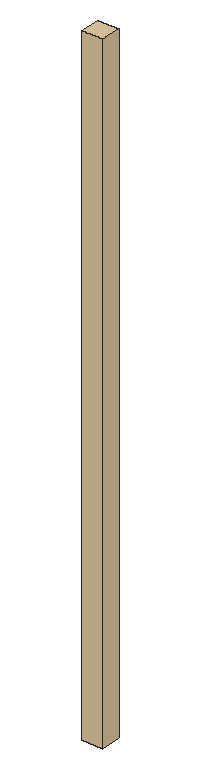
Revit family "0bd1094f3855494896db6b662d764584", category Structural Columns, Revit 2021
Family settings
  Section Shape = Not Defined
  Material for Model Behavior = Wood
  Always export as geometry = No
  Beam cutback in plan = From bounding box
  OmniClass Number = 23.25.30.11.14.11
  OmniClass Title = Columns
  Seek Item ID = PSL-Parallel Strand Lumber-Column-0000-USA-ENU
  Cut with Voids When Loaded = No
  Symbolic Representation = From Project Settings
  Shared = No
  Show family pre-cut in plan views = Yes
Parameters (values of type "3 1/2 x 3 1/2")
  Structural Material [instance] = Softwood, Lumber
  Assembly Code = "B10"
  b = 0' - 3 1/2"
  d = 0' - 3 1/2"
Types (3): name | b | d
  (no name) | 0' - 3 1/2" | 0' - 3 1/2"
  3 1/2 x 3 1/2 | 0' - 3 1/2" | 0' - 3 1/2"
  5 1/4 x 5 1/4 | 0' - 5 1/4" | 0' - 5 1/4"
Reference planes (in)
  plane 1 "Center (Front/Back)": y = 0
  plane 2: z = 0
  plane 3 "Center (Left/Right)": x = 0
  plane 4: x = -1.75
  plane 5: x = 1.75
  plane 6: y = 1.75
  plane 7: y = -1.75
Forms (in)
  Extrusion 1, solid, material "Softwood, Lumber" <- "Structural Material", detail levels medium+fine
    sketch origin (0, 0, 0) x (1, 0, 0) y (0, 1, 0)
      loop
        line (-1.75, 1.75) -> (-1.75, -1.75) -> (1.75, -1.75) -> (1.75, 1.75) -> (-1.75, 1.75)
    from 0 to 108
Lines and regions (in)
  symbolic lines, style "StructuralColumnStickSymbols", detail levels coarse
    curve 1: line (-1.75, 1.75, 0) -> (1.75, 1.75, 0)
    curve 2: line (-1.75, -1.75, 0) -> (1.75, -1.75, 0)
    curve 3: line (-1.75, 1.75, 0) -> (-1.75, -1.75, 0)
    curve 4: line (1.75, 1.75, 0) -> (1.75, -1.75, 0)
Dimensions and locks (in)
  equal spacing: plane 4, plane 3 "Center (Left/Right)", plane 5
  equal spacing: plane 7, plane 1 "Center (Front/Back)", plane 6
  "d": plane 7 to plane 6
  "b": plane 4 to plane 5
  aligned and locked: plane 6 to Extrusion 1 sketch curve
  aligned and locked: Extrusion 1 sketch curve to plane 7
  aligned and locked: Extrusion 1 sketch curve to plane 4
  aligned and locked: plane 5 to Extrusion 1 sketch curve
  aligned and locked: level to Extrusion 1
  aligned and locked: level to plane 2
  aligned and locked: Extrusion 1 to plane 2
Automatic sketch dimensions
  curve 3 to plane 4 = 0' - 0"
  curve 4 to plane 5 = 0' - 0"
  curve 3 to plane 7 = 0' - 0"
  curve 3 to plane 6 = 0' - 0"
